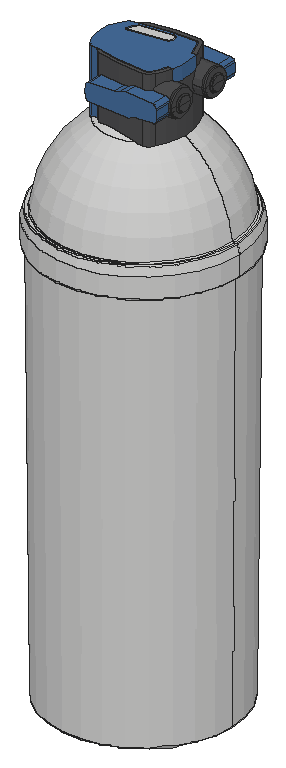
Revit family "QF_Vivreau_PURITY C1100 Steam Advanced", category Specialty Equipment, Revit 2020
Family settings
  Round Connector Dimension = Use Diameter
  Part Type = Normal
  OmniClass Number = 23.40.40.14.24
  OmniClass Title = Food Dispensing Equipment
  Work Plane-Based = No
  Always vertical = Yes
  Cut with Voids When Loaded = No
  Shared = No
  Room Calculation Point = No
Parameters
  Width = 0' - 7 61/256"  # constant formula
  Weight in Pounds = 16.97
  URL Cutsheet = "https://vivreauwater.com/wp-content/uploads/2024/06/Datasheet_VIVREAU_PURITY_C_Quell_ST_Advanced.pdf"
  URL = "https://vivreauwater.com/products/purity-c-quell-st-advanced/"
  Status = ""
  Specification by User [instance] = ""
  Specification by Manufacturer = "(1054242)Vivreau Purity C1100 Steam ADVANCED Filter Exchange cartridge up to 2089 gallons capacity, catalytic carbon, ion exchange for scale chloramine protection for combi & steamers NSF (NET)"
  Serial Number [instance] = ""
  Seismic Rating = ""
  SMACNA No = ""
  Revision Code = ""
  Plumbing Remarks = ""
  Plumbing Connection Type = "NPT"
  NAFEM Spec ID Number = ""
  Mounting Height [instance] = 3' - 0"
  Model = "PURITY C1100 Steam Advanced"
  Masterspec = "Division 11"
  Manufacturer = "Vivreau"
  Item Number [instance] = ""
  Installed By [instance] = ""
  Identify Quantity as Lot = yes
  Height = 1' - 9 25/32"  # constant formula
  Furnished By [instance] = ""
  Foodservice Equipment Identifier = yes
  Description = "Water Filter"
  Depth = 0' - 7 61/256"  # constant formula
  Default Elevation = 0' - 0"
  Cold Water Temperature Recommended = 40 °F
  Cold Water Size = 1/2"
  Cold Water RI Height = 0' - 0"
  Cold Water Minimum Pressure = 29.00 psi
  Cold Water Maximum Pressure = 124.00 psi
  Cold Water Flow = 0.440 GPM
  Cold Water Connection Height = 1' - 9"
  CSI MasterFormat = "11 46 00"
  Assembly Code = "E1090320"
Reference planes (in)
  plane 1 "REF. LAYER": z = 0
  plane 2 "Center (Left/Right)": x = 2.12413
  plane 3 "Center (Front/Back)": y = -2.125
  plane 4 "Center (Bottom/Top)": z = 47.30363
  plane 5 "Center F/C": z = 57.78125
  plane 6 "Center F/G": z = 55.96271
  plane 7 "Center F/I": z = 56.87844
  plane 8 "Center F/J": x = 4.31004
  plane 9 "Center F/X": x = -1.49531
  plane 10 "Center F/Y": x = 5.74297
  plane 11 "Center F/Z": z = 36
  plane 12 "Center F/AA": y = -5.745
  plane 13 "Center F/BB": y = 1.49328
Forms (in)
  Revolve 1, solid, material "QF_Plastic-Grey-Vivreau"
    sketch origin (0, -2.125, 0) x (1, 0, 0) y (0, 0, 1)
      loop
        line (2.12357, 36) -> (5.44715, 36)
        arc (5.44715, 36) -> (5.46152, 36.00591) -> (5.46756, 36.02023) r 0.02041
        line (5.46756, 36.02023) -> (5.60042, 51.24409) -> (5.72603, 51.24409)
        arc (5.72603, 51.24409) -> (5.73989, 51.2498) -> (5.74571, 51.26361) r 0.01969
        line (5.74571, 51.26361) -> (5.73919, 52.01147) -> (5.65734, 52.31693)
        arc (5.65734, 52.31693) -> (5.64328, 52.33798) -> (5.61931, 52.34611) r 0.03937
        line (5.61931, 52.34611) -> (5.52208, 52.34611)
        arc (5.52208, 52.34611) -> (5.49849, 52.35396) -> (5.48431, 52.37437) r 0.03937
        arc (5.48431, 52.37437) -> (4.90541, 54.08272) -> (3.65003, 55.37795) r 4.10473
        arc (3.65003, 55.37795) -> (3.5128, 55.46215) -> (3.37088, 55.53818) r 2.75591
        line (3.37088, 55.53818) -> (3.02241, 55.53818) -> (3.02241, 55.96271) -> (2.12357, 55.96271) -> (2.12357, 36)
      axis (2.12357, 55.96271) -> (2.12357, 36)
    angle from 0 to 360
Lines and regions (in)
  symbolic lines
    curve 1: circle (2.12413, -2.125, 0) r 3.62 normal (0, 0, 1)
Dimensions and locks (in)
  plane 7 "Center F/I" to plane 6 "Center F/G" to plane 4 "Center (Bottom/Top)" to plane 11 "Center F/Z" = 0' - 0.91573" locked, 0' - 8.65907" locked, 0' - 11.30363" locked
  "Height": plane 5 "Center F/C" to plane 11 "Center F/Z"
  "Mounting Height": plane 11 "Center F/Z" to plane 1 "REF. LAYER"
  "Width": plane 9 "Center F/X" to plane 10 "Center F/Y"
  "Depth": plane 13 "Center F/BB" to plane 12 "Center F/AA"
  aligned and locked: level to plane 1 "REF. LAYER"
  aligned and locked: plane 3 "Center (Front/Back)" to nested 1
Automatic sketch dimensions
  curve 1 to plane 2 "Center (Left/Right)" = 0' - 0"
  plane 3 "Center (Front/Back)" to curve 1 = 0' - 0"
  Revolve 1 sketch curve to plane 6 "Center F/G" = 0' - 0"
  Revolve 1 sketch curve to plane 11 "Center F/Z" = 0' - 0"
  Revolve 1 sketch curve to plane 2 "Center (Left/Right)" = 0' - 0.72186"
  Revolve 1 sketch curve to plane 2 "Center (Left/Right)" = 0' - 0.00056"  (x2)
  plane 2 "Center (Left/Right)" to Revolve 1 sketch curve = 0' - 0.01676"
  Revolve 1 sketch curve to plane 6 "Center F/G" = 0' - 0.42452"
  plane 2 "Center (Left/Right)" to Revolve 1 sketch curve = 0' - 0.89828"
  Revolve 1 sketch curve to Revolve 1 sketch curve = 0' - 0.34847"
  plane 10 "Center F/Y" to Revolve 1 sketch curve = 0' - 0.29581"
  plane 11 "Center F/Z" to Revolve 1 sketch curve = 0' - 0.02023"
  Revolve 1 sketch curve to Revolve 1 sketch curve = 0' - 0.02041"
  plane 10 "Center F/Y" to Revolve 1 sketch curve = 0' - 0.22089"
  plane 10 "Center F/Y" to Revolve 1 sketch curve = 0' - 0.14255"
  Revolve 1 sketch curve to Revolve 1 sketch curve = 0' - 0.09723"
  Revolve 1 sketch curve to Revolve 1 sketch curve = 0' - 0.03803"
  plane 10 "Center F/Y" to Revolve 1 sketch curve = 0' - 0.01694"
  plane 10 "Center F/Y" to Revolve 1 sketch curve = 0' - 0.00378"
  Revolve 1 sketch curve to plane 10 "Center F/Y" = 0' - 0.00274"
  plane 4 "Center (Bottom/Top)" to Revolve 1 sketch curve = 0' - 3.94046"
  Revolve 1 sketch curve to Revolve 1 sketch curve = 0' - 0.01969"
  Revolve 1 sketch curve to Revolve 1 sketch curve = 0' - 3.59482"
  Revolve 1 sketch curve to Revolve 1 sketch curve = 0' - 0.74786"
  Revolve 1 sketch curve to Revolve 1 sketch curve = 0' - 0.29528"
  Revolve 1 sketch curve to Revolve 1 sketch curve = 0' - 0.01019"
  Revolve 1 sketch curve to Revolve 1 sketch curve = 0' - 0.03937"
  Revolve 1 sketch curve to Revolve 1 sketch curve = 0' - 1.12862"
  Revolve 1 sketch curve to Revolve 1 sketch curve = 0' - 0"
  plane 11 "Center F/Z" to Revolve 1 sketch curve = 0' - 1.23725"
  Revolve 1 sketch curve to Revolve 1 sketch curve = 0' - 0.80093"
  radius of curve 1 = 0' - 3.62"
Nested families (in)
  nested 1: "QF_Vivreau_ Filter Head_C1100" at (0.56167, -0.22503, 0), Mounting Height <- "Mounting Height", type "QF_Vivreau_ Filter Head_C1100"
    with Specification by User "", Serial Number "", Installed By "", Furnished By ""
Connectors (in)
  piping at (4.31004, -2.9124, 56.92578), diameter 0.5, driven by "Cold Water Size", driven by "Cold Water Flow"
    settings: on nested 1, index 1, connector inside diameter 24", connector length 0' - 0", flow factor 0, pipe flow 0.440 GPM, pressure drop 0.00 psi, fitting loss kfactor 0, connector angle 0.00°, fixture units 0, engagement length 0' - 0", angle of deflection 0.00°, flow configuration 1, flow direction 1, fitting loss method 0, system type 20, joint type 0, gender type 0, connector reference index -1, connector utility 0, adjustable connector no, is connector primary yes, connector description "Cold Water"
Definition of nested family "QF_Vivreau_ Filter Head_C1100"
  Parameters (values of type "QF_Vivreau_ Filter Head_C1100")
    Width = 3' - 0"
    Weight in Pounds = 0
    URL Cutsheet = ""
    Status = ""
    Specification by User [instance] = ""
    Specification by Manufacturer = ""
    Serial Number [instance] = ""
    Seismic Rating = ""
    SMACNA No = ""
    Revision Code = ""
    NAFEM Spec ID Number = ""
    Mounting Height [instance] = 3' - 0"
    Masterspec = ""
    Installed By [instance] = ""
    Identify Quantity as Lot = yes
    Height = 3' - 0"
    Furnished By [instance] = ""
    Foodservice Equipment Identifier = yes
    Depth = 3' - 0"
    Default Elevation = 0' - 0"
    CSI MasterFormat = ""
  Reference planes (in)
    plane 1 "BACK": y = 0
    plane 2 "REF. LAYER": z = 0
    plane 3 "LEFT": x = 0
    plane 4 "Center F/C": x = 3.74837
    plane 5 "Center F/D": y = -3.83618
    plane 6 "Center F/E": z = 56.92578
    plane 7 "Center F/F": z = 57.78067
    plane 8 "Center F/G": z = 55.35685
    plane 9 "Center F/H": z = 56.45244
    plane 10 "Center F/I": z = 57.28053
    plane 11 "Center F/J": y = -1.89997
    plane 12 "Center F/Q": z = 36
    plane 13 "Center F/R": z = 57.63786
  Forms (in)
    Extrusion 1, solid
      sketch origin (-0.56167, 0.22503, 0) x (1, 0, 0) y (0, 1, 0)
        loop
          arc (3.17939, -3.30146) -> (3.22697, -3.28602) -> (3.25911, -3.24769) r 0.09059
          arc (3.25911, -3.24769) -> (3.55796, -2.125) -> (3.25911, -1.00231) r 2.25819
          arc (3.25911, -1.00231) -> (3.22697, -0.96398) -> (3.17939, -0.94854) r 0.09059
          arc (3.17939, -0.94854) -> (2.02567, -0.99526) -> (0.89165, -1.21272) r 7.75678
          arc (0.89165, -1.21272) -> (0.86179, -1.21999) -> (0.83702, -1.2382) r 0.07824
          arc (0.83702, -1.2382) -> (0.56167, -2.125) -> (0.83702, -3.0118) r 1.56569
          arc (0.83702, -3.0118) -> (0.86179, -3.03001) -> (0.89165, -3.03728) r 0.07824
          arc (0.89165, -3.03728) -> (2.02567, -3.25474) -> (3.17939, -3.30146) r 7.75678
      from 55.35685 to 57.78067
    Revolve 2, solid
      sketch origin (-16.04659, -180, 56.92578) x (-1, 0, 0) y (0, -1, 0)
        loop
          line (-19.59812, -178.88743) -> (-18.72075, -178.88743) -> (-18.7668, -178.36111) -> (-19.59812, -178.37562) -> (-19.59812, -178.88743)
        axis (-18.72075, -178.88743) -> (-19.59812, -178.88743)
      angle from 0 to 360
    Revolve 3, solid
      sketch origin (-16.04659, -180, 56.92578) x (-1, 0, 0) y (0, -1, 0)
        loop
          line (-19.59812, -177.31262) -> (-18.72075, -177.31262) -> (-18.7668, -176.7863) -> (-19.59812, -176.80081) -> (-19.59812, -177.31262)
        axis (-18.72075, -177.31262) -> (-19.59812, -177.31262)
      angle from 0 to 360
    Extrusion 4, void
      sketch origin (-0.56167, 0.22503, 0) x (0, 1, 0) y (0, 0, 1)
        loop
          circle (-2.125, 56.39429) r 0.20757
      from 3.17075 to 3.70744
    Extrusion 5, void
      sketch origin (-2.8954, 0.22503, 0) x (0, 1, 0) y (0, 0, 1)
        loop
          circle (-2.125, 56.39429) r 0.20757
      from 2.77402 to 3.28855
    Revolve 6, solid
      sketch origin (-16.04659, -180, 56.92578) x (-1, 0, 0) y (0, -1, 0)
        loop
          line (-19.59812, -178.88743) -> (-19.59812, -178.41499) -> (-19.69654, -178.41499) -> (-19.69654, -178.58034) -> (-19.73591, -178.58379) -> (-19.73591, -178.63349) -> (-19.79497, -178.63349) -> (-19.79497, -178.88743) -> (-19.59812, -178.88743)
        axis (-19.59812, -178.88743) -> (-19.79497, -178.88743)
      angle from 0 to 360
    Revolve 7, solid
      sketch origin (-16.04659, -180, 56.92578) x (-1, 0, 0) y (0, -1, 0)
        loop
          line (-19.59812, -177.31262) -> (-19.59812, -176.84018) -> (-19.69654, -176.84018) -> (-19.69654, -177.00554) -> (-19.73591, -177.00898) -> (-19.73591, -177.05869) -> (-19.79497, -177.05869) -> (-19.79497, -177.31262) -> (-19.59812, -177.31262)
        axis (-19.59812, -177.31262) -> (-19.79497, -177.31262)
      angle from 0 to 360
    Extrusion 8, solid
      sketch origin (0, 0, 0) x (0, 1, 0) y (0, 0, 1)
        loop
          circle (-1.89997, 56.39429) r 0.20757
        loop
          circle (-1.89997, 56.39429) r 0.14507
      from 2.60908 to 3.01441
    Extrusion 9, solid
      sketch origin (-2.62125, 0, 0) x (0, 1, 0) y (0, 0, 1)
        loop
          circle (-1.89997, 56.39429) r 0.20757
        loop
          circle (-1.89997, 56.39429) r 0.14507
      from 2.60908 to 3.01441
    Extrusion 10, solid
      sketch origin (0, 0, 21.16016) x (1, 0, 0) y (0, 1, 0)
        loop
          arc (2.61773, -0.72352) -> (2.65703, -0.73399) -> (2.68778, -0.7606) r 0.09059
          arc (2.68778, -0.7606) -> (2.99629, -1.89997) -> (2.68778, -3.03935) r 2.25819
          arc (2.68778, -3.03935) -> (2.65703, -3.06596) -> (2.61773, -3.07643) r 0.09059
          arc (2.61773, -3.07643) -> (1.60555, -3.04475) -> (0.60613, -2.88147) r 7.75678
          arc (0.60613, -2.88147) -> (0.72009, -2.98959) -> (0.8462, -3.08325) r 1.30616
          arc (0.8462, -3.08325) -> (1.72654, -3.2138) -> (2.6163, -3.23254) r 7.05821
          arc (2.6163, -3.23254) -> (2.77551, -3.16312) -> (2.87152, -3.01839) r 0.30684
          arc (2.87152, -3.01839) -> (3.18694, -1.89997) -> (2.87152, -0.78156) r 2.14057
          arc (2.87152, -0.78156) -> (2.77551, -0.63683) -> (2.6163, -0.5674) r 0.30684
          arc (2.6163, -0.5674) -> (1.72654, -0.58614) -> (0.8462, -0.7167) r 7.05821
          arc (0.8462, -0.7167) -> (0.72009, -0.81036) -> (0.60613, -0.91847) r 1.30616
          arc (0.60613, -0.91847) -> (1.60555, -0.7552) -> (2.61773, -0.72352) r 7.75678
      from 34.19669 to 36.62051
    Extrusion 11, void
      sketch origin (0, 0, 21.16016) x (1, 0, 0) y (0, 1, 0)
        loop
          arc (2.92876, -1.35185) -> (2.99629, -1.89997) -> (2.92876, -2.4481) r 2.25819
          line (2.92876, -2.4481) -> (3.11557, -2.4481)
          arc (3.11557, -2.4481) -> (3.18694, -1.89997) -> (3.11557, -1.35185) r 2.14057
          line (3.11557, -1.35185) -> (2.92876, -1.35185)
      from 36.62051 to 36.12038
    Extrusion 12, solid
      sketch origin (0, 0, 14.26953) x (1, 0, 0) y (0, 1, 0)
        loop
          arc (0.70049, -1.02146) -> (0.59462, -1.21203) -> (0.51669, -1.41563) r 1.54109
          arc (0.51669, -1.41563) -> (0.54, -1.44367) -> (0.57618, -1.44818) r 0.04958
          arc (0.57618, -1.44818) -> (1.21574, -1.31536) -> (1.86503, -1.24405) r 6.85047
          arc (1.86503, -1.24405) -> (2.03249, -1.03201) -> (1.82552, -0.85833) r 0.19395
          arc (1.82552, -0.85833) -> (1.26009, -0.91975) -> (0.70049, -1.02146) r 7.94315
      from 43.36833 to 43.51113
    Extrusion 13, solid
      sketch origin (0, 0, 21.16016) x (1, 0, 0) y (0, 1, 0)
        loop
          arc (3.11557, -2.4481) -> (3.18694, -1.89997) -> (3.11557, -1.35185) r 2.14057
          line (3.11557, -1.35185) -> (2.92876, -1.35185)
          arc (2.92876, -1.35185) -> (2.99629, -1.89997) -> (2.92876, -2.4481) r 2.25819
          line (2.92876, -2.4481) -> (3.11557, -2.4481)
      from 36.12038 to 36.62051
    Extrusion 14, void
      sketch origin (0, 0, 18.24219) x (1, 0, 0) y (0, 1, 0)
        loop
          arc (0.57618, -1.44818) -> (1.21574, -1.31536) -> (1.86503, -1.24405) r 6.85047
          arc (1.86503, -1.24405) -> (2.03249, -1.03201) -> (1.82552, -0.85833) r 0.19395
          arc (1.82552, -0.85833) -> (1.26009, -0.91975) -> (0.70049, -1.02146) r 7.94315
          arc (0.70049, -1.02146) -> (0.59462, -1.21203) -> (0.51669, -1.41563) r 1.54109
          arc (0.51669, -1.41563) -> (0.54, -1.44367) -> (0.57618, -1.44818) r 0.04958
      from 39.39567 to 39.53848
  Cuts and joins
    Extrusion 4, Extrusion 5, Extrusion 14 cuts Extrusion 1
    joined: Extrusion 1, Extrusion 13
    Extrusion 11 cuts Extrusion 10
  Lines and regions (in)
    symbolic lines
      curve 1: arc (0.32999, -2.81225, 0) -> (1.464, -3.02972, 0) -> (2.61773, -3.07643, 0) r 7.75678
      curve 2: arc (2.61773, -3.07643, 0) -> (2.6653, -3.061, 0) -> (2.69744, -3.02266, 0) r 0.09059
      curve 3: arc (2.69744, -3.02266, 0) -> (2.99629, -1.89997, 0) -> (2.69744, -0.77728, 0) r 2.25819
      curve 4: arc (2.69744, -0.77728, 0) -> (2.6653, -0.73895, 0) -> (2.61773, -0.72352, 0) r 0.09059
      curve 5: arc (2.61773, -0.72352, 0) -> (1.464, -0.77023, 0) -> (0.32999, -0.9877, 0) r 7.75678
      curve 6: arc (0.32999, -0.9877, 0) -> (0.30012, -0.99496, 0) -> (0.27535, -1.01317, 0) r 0.07824
      curve 7: arc (0.27535, -1.01317, 0) -> (0, -1.89997, 0) -> (0.27535, -2.78678, 0) r 1.56569
      curve 8: arc (0.27535, -2.78678, 0) -> (0.30012, -2.80499, 0) -> (0.32999, -2.81225, 0) r 0.07824
      curve 9: line (3.74837, -2.94131, 0) -> (3.68932, -2.94131, 0)
      curve 10: arc (0.85161, -0.6986, 0) -> (0.82653, -0.78661, 0) -> (0.80424, -0.87538, 0) r 2.89017
      curve 11: arc (0.85161, -0.6986, 0) -> (0.87512, -0.61425, 0) -> (0.90582, -0.53225, 0) r 1.0142
      curve 12: arc (0.90582, -0.53225, 0) -> (0.95826, -0.37458, 0) -> (1.01402, -0.21806, 0) r 7.87402
      curve 13: arc (1.01402, -0.21806, 0) -> (1.03304, -0.19156, 0) -> (1.06321, -0.17918, 0) r 0.05912
      curve 14: arc (1.06321, -0.17918, 0) -> (2.22788, -0.07327, 0) -> (3.39529, -0.1428, 0) r 7.79531
      curve 15: arc (3.39529, -0.1428, 0) -> (3.42859, -0.1583, 0) -> (3.44724, -0.18996, 0) r 0.0619
      curve 16: arc (3.44724, -0.18996, 0) -> (3.48188, -0.39473, 0) -> (3.50801, -0.60076, 0) r 5.02104
      curve 17: line (3.64995, -0.64013, 0) -> (3.55152, -0.64013, 0)
      curve 18: line (3.55152, -0.64013, 0) -> (3.55152, -0.60076, 0)
      curve 19: line (3.55152, -0.60076, 0) -> (3.50801, -0.60076, 0)
      curve 20: line (3.55152, -0.64013, 0) -> (3.55152, -1.62438, 0)
      curve 21: line (3.55152, -1.62438, 0) -> (2.98062, -1.63435, 0)
      curve 22: line (3.64995, -1.58501, 0) -> (3.55152, -1.58501, 0)
      curve 23: line (3.64995, -1.58501, 0) -> (3.64995, -0.64013, 0)
      curve 24: line (3.68932, -1.41621, 0) -> (3.64995, -1.41966, 0)
      curve 25: line (3.68932, -1.41621, 0) -> (3.68932, -0.80849, 0)
      curve 26: line (3.74837, -0.85864, 0) -> (3.68932, -0.85864, 0)
      curve 27: line (3.74837, -0.85864, 0) -> (3.74837, -1.36651, 0)
      curve 28: line (3.74837, -1.36651, 0) -> (3.68932, -1.36651, 0)
      curve 29: line (3.64995, -3.15982, 0) -> (3.55152, -3.15982, 0)
      curve 30: line (3.55152, -3.15982, 0) -> (3.55152, -3.19919, 0)
      curve 31: line (3.55152, -3.19919, 0) -> (3.50801, -3.19919, 0)
      curve 32: line (3.55152, -3.15982, 0) -> (3.55152, -2.17556, 0)
      curve 33: line (3.64995, -2.21493, 0) -> (3.55152, -2.21493, 0)
      curve 34: line (3.64995, -2.21493, 0) -> (3.64995, -3.15982, 0)
      curve 35: line (3.68932, -2.38373, 0) -> (3.64995, -2.38029, 0)
      curve 36: line (3.68932, -2.38373, 0) -> (3.68932, -2.99146, 0)
      curve 37: line (3.74837, -2.94131, 0) -> (3.68932, -2.94131, 0)
      curve 38: line (3.74837, -2.94131, 0) -> (3.74837, -2.43344, 0)
      curve 39: line (3.74837, -2.43344, 0) -> (3.68932, -2.43344, 0)
      curve 40: arc (0.85161, -3.10135, 0) -> (0.82653, -3.01334, 0) -> (0.80424, -2.92457, 0) r 2.89017
      curve 41: arc (0.85161, -3.10135, 0) -> (0.87512, -3.1857, 0) -> (0.90582, -3.2677, 0) r 1.0142
      curve 42: arc (0.90582, -3.2677, 0) -> (0.95826, -3.42537, 0) -> (1.01402, -3.58189, 0) r 7.87402
      curve 43: arc (1.01402, -3.58189, 0) -> (1.03304, -3.60839, 0) -> (1.06321, -3.62077, 0) r 0.05912
      curve 44: arc (1.06321, -3.62077, 0) -> (2.22788, -3.72667, 0) -> (3.39529, -3.65715, 0) r 7.79531
      curve 45: arc (3.39529, -3.65715, 0) -> (3.42859, -3.64164, 0) -> (3.44724, -3.60999, 0) r 0.0619
      curve 46: arc (3.44724, -3.60999, 0) -> (3.48188, -3.40522, 0) -> (3.50801, -3.19919, 0) r 5.02104
      curve 47: line (3.55152, -3.15982, 0) -> (3.55152, -3.19919, 0)
      curve 48: line (3.55152, -3.19919, 0) -> (3.50801, -3.19919, 0)
      curve 49: line (3.55152, -3.15982, 0) -> (3.55152, -2.17556, 0)
      curve 50: line (3.55152, -2.17556, 0) -> (2.98062, -2.1656, 0)
      curve 51: line (0, 0, 0) -> (3.74837, 0, 0)
      curve 52: line (0, -1.89997, 0) -> (2.99629, -1.89997, 0)
      curve 53: line (3.64995, -0.80549, 0) -> (3.68932, -0.80849, 0)
      curve 54: line (3.64995, -2.99446, 0) -> (3.68932, -2.99146, 0)
  Dimensions and locks (in)
    plane 7 "Center F/F" to plane 10 "Center F/I" to plane 6 "Center F/E" to plane 9 "Center F/H" to plane 8 "Center F/G" = 0' - 0.50013" locked, 0' - 0.35475" locked, 0' - 0.47334" locked, 0' - 1.09559" locked
    plane 5 "Center F/D" to plane 11 "Center F/J" to plane 1 "BACK" = 0' - 1.93621" locked, 0' - 1.89997" locked
    locked: plane 6 "Center F/E" to nested 1 at 0.05953
    locked: plane 8 "Center F/G" to plane 12 "Center F/Q" at 19.35685
    "Mounting Height": plane 12 "Center F/Q" to plane 2 "REF. LAYER"
    locked: plane 7 "Center F/F" to plane 13 "Center F/R" at 0.14281
    aligned and locked: level to plane 2 "REF. LAYER"
    aligned and locked: plane 7 "Center F/F" to cut or joined group of Extrusion 1, Extrusion 4, Extrusion 5, Extrusion 13, Extrusion 14
    aligned and locked: cut or joined group of Extrusion 1, Extrusion 4, Extrusion 5, Extrusion 13, Extrusion 14 to plane 8 "Center F/G"
    aligned and locked: nested 1 to plane 11 "Center F/J"
    aligned and locked: plane 11 "Center F/J" to nested 1
    aligned and locked: Extrusion 10 to plane 8 "Center F/G"
    aligned and locked: plane 7 "Center F/F" to Extrusion 10
    aligned and locked: Extrusion 13 to plane 10 "Center F/I"
    aligned and locked: Extrusion 11 to plane 10 "Center F/I"
    aligned and locked: plane 7 "Center F/F" to Extrusion 13
    aligned and locked: plane 7 "Center F/F" to Extrusion 11
    aligned and locked: Extrusion 12 to plane 13 "Center F/R"
    aligned and locked: plane 7 "Center F/F" to Extrusion 12
    aligned and locked: Extrusion 14 to plane 13 "Center F/R"
    aligned and locked: plane 7 "Center F/F" to Extrusion 14
  Automatic sketch dimensions
    curve 51 to level = 0' - 0"
    curve 51 to plane 3 "LEFT" = 0' - 0"
    curve 51 to plane 4 "Center F/C" = 0' - 0"
    curve 52 to plane 3 "LEFT" = 0' - 0"
    plane 11 "Center F/J" to curve 3 = 0' - 0"
    plane 11 "Center F/J" to curve 7 = 0' - 0"
    plane 11 "Center F/J" to curve 52 = 0' - 0"
    curve 39 to plane 4 "Center F/C" = 0' - 0"
    curve 28 to plane 4 "Center F/C" = 0' - 0"
    curve 16 to plane 3 "LEFT" = 0' - 1.48511"
    curve 46 to plane 3 "LEFT" = 0' - 1.48511"
    plane 3 "LEFT" to curve 8 = 0' - 0.33318"
    plane 3 "LEFT" to curve 6 = 0' - 0.33318"
    curve 52 to curve 3 = 0' - 0.7381"
    plane 1 "BACK" to curve 13 = 0' - 0.23795"
    plane 3 "LEFT" to curve 13 = 0' - 1.0697"
    curve 43 to plane 5 "Center F/D" = 0' - 0.27418"
    plane 3 "LEFT" to curve 43 = 0' - 1.0697"
    curve 3 to curve 7 = 0' - 0.82759"
    curve 7 to curve 11 = 0' - 0.27372"
    curve 7 to curve 41 = 0' - 0.27372"
    curve 14 to plane 4 "Center F/C" = 0' - 1.39888"
    curve 44 to plane 4 "Center F/C" = 0' - 1.39888"
    curve 44 to curve 1 = 0' - 0.00431"
    curve 14 to curve 5 = 0' - 0.00431"
    curve 41 to curve 2 = 0' - 0.77523"
    curve 11 to curve 4 = 0' - 0.77523"
    plane 1 "BACK" to curve 15 = 0' - 0.20414"
    curve 15 to plane 4 "Center F/C" = 0' - 0.36139"
    curve 45 to plane 4 "Center F/C" = 0' - 0.36139"
    curve 48 to plane 4 "Center F/C" = 0' - 0.24036"
    curve 19 to plane 4 "Center F/C" = 0' - 0.24036"
    curve 16 to curve 19 = 0' - 0.04351"
    curve 31 to curve 48 = 0' - 0.04351"
    curve 22 to curve 10 = 0' - 0.0667"
    curve 33 to curve 40 = 0' - 0.0667"
    curve 17 to curve 17 = 0' - 0.09843"
    curve 29 to curve 34 = 0' - 0.09843"
    curve 24 to curve 25 = 0' - 0.03937"
    curve 35 to curve 35 = 0' - 0.03937"
    plane 1 "BACK" to curve 42 = 0' - 0.86161"
    plane 4 "Center F/C" to curve 42 = 0' - 4.65484"
    curve 12 to plane 5 "Center F/D" = 0' - 0.89785"
    curve 12 to curve 42 = 0' - 0"
    curve 45 to plane 5 "Center F/D" = 0' - 0.24037"
    plane 5 "Center F/D" to curve 14 = 0' - 4.03145"
    curve 5 to curve 14 = 0' - 0.60817"
    curve 45 to curve 47 = 0' - 0.39662"
    curve 30 to curve 34 = 0' - 0.03937"
    curve 29 to curve 36 = 0' - 0.16836"
    curve 2 to plane 5 "Center F/D" = 0' - 0.85029"
    curve 36 to curve 9 = 0' - 0.05014"
    curve 2 to curve 41 = 0' - 0.11446"
    plane 11 "Center F/J" to curve 8 = 0' - 0.8341"
    plane 11 "Center F/J" to curve 46 = 0' - 0.77047"
    curve 9 to curve 39 = 0' - 0.50787"
    curve 39 to curve 36 = 0' - 0.04971"
    curve 35 to curve 40 = 0' - 0.11843"
    curve 40 to curve 34 = 0' - 0.05037"
    curve 33 to curve 49 = 0' - 0.03937"
    curve 21 to plane 11 "Center F/J" = 0' - 0.27559"
    curve 20 to curve 22 = 0' - 0.03937"
    curve 22 to curve 10 = 0' - 0.05037"
    curve 10 to curve 24 = 0' - 0.11843"
    curve 24 to curve 27 = 0' - 0.04971"
    curve 16 to plane 11 "Center F/J" = 0' - 0.77047"
    curve 6 to plane 11 "Center F/J" = 0' - 0.8341"
    plane 1 "BACK" to curve 11 = 0' - 0.92852"
    curve 27 to curve 26 = 0' - 0.50787"
    curve 11 to curve 4 = 0' - 0.11446"
    curve 26 to curve 25 = 0' - 0.05014"
    curve 25 to curve 17 = 0' - 0.16836"
    curve 17 to curve 19 = 0' - 0.03937"
    curve 44 to plane 1 "BACK" = 0' - 4.06768"
    curve 44 to curve 1 = 0' - 0.60817"
    curve 8 to curve 8 = 0' - 0.05783"
    curve 6 to curve 6 = 0' - 0.05783"
    curve 7 to curve 6 = 0' - 0.05464"
    curve 8 to curve 8 = 0' - 0.05464"
    curve 8 to curve 40 = 0' - 0.47425"
    curve 5 to curve 10 = 0' - 0.47425"
    curve 40 to curve 40 = 0' - 0.04737"
    curve 10 to curve 10 = 0' - 0.04737"
    curve 10 to curve 11 = 0' - 0.05421"
    curve 41 to curve 41 = 0' - 0.05421"
    curve 43 to curve 43 = 0' - 0.05568"
    curve 12 to curve 13 = 0' - 0.05568"
    curve 43 to curve 43 = 0' - 0.00649"
    curve 13 to curve 13 = 0' - 0.00649"
    curve 4 to curve 5 = 0' - 0"
    curve 2 to curve 1 = 0' - 0"
    curve 2 to curve 2 = 0' - 0.08279"
    curve 21 to plane 11 "Center F/J" = 0' - 0 17/64"
    plane 11 "Center F/J" to curve 50 = 0' - 0 17/64"
    curve 15 to curve 14 = 0' - 0"
    curve 45 to curve 44 = 0' - 0"
    curve 54 to curve 36 = 0' - 0.00301"
    curve 35 to curve 35 = 0' - 0.00344"
    curve 24 to curve 24 = 0' - 0.00344"
    curve 25 to curve 53 = 0' - 0.00301"
    plane 11 "Center F/J" to Extrusion 1 sketch curve = 0' - 0"  (x2)
    plane 3 "LEFT" to Extrusion 1 sketch curve = 0' - 0.33318"  (x2)
    plane 3 "LEFT" to Extrusion 1 sketch curve = 0' - 0.7381"
    Extrusion 1 sketch curve to Extrusion 1 sketch curve = 0' - 0.82759"
    Extrusion 1 sketch curve to plane 4 "Center F/C" = 0' - 1.39457"  (x2)
    Extrusion 1 sketch curve to plane 4 "Center F/C" = 0' - 1.13373"  (x2)
    plane 11 "Center F/J" to Extrusion 1 sketch curve = 0' - 0.8341"
    Extrusion 1 sketch curve to plane 5 "Center F/D" = 0' - 0.85029"
    plane 5 "Center F/D" to Extrusion 1 sketch curve = 0' - 4.63962"
    Extrusion 1 sketch curve to plane 11 "Center F/J" = 0' - 0.8341"
    plane 1 "BACK" to Extrusion 1 sketch curve = 0' - 0.81406"
    Extrusion 1 sketch curve to plane 1 "BACK" = 0' - 4.67585"
    Extrusion 1 sketch curve to Extrusion 1 sketch curve = 0' - 0.0032"  (x2)
    Extrusion 1 sketch curve to Extrusion 1 sketch curve = 0' - 0.05464"  (x2)
    Extrusion 1 sketch curve to Extrusion 1 sketch curve = 0' - 0.00308"  (x2)
    Extrusion 1 sketch curve to Extrusion 1 sketch curve = 0' - 0"
    Extrusion 1 sketch curve to Extrusion 1 sketch curve = 0' - 0.08279"
    Revolve 2 sketch curve to plane 4 "Center F/C" = 0' - 0.19685"
    Revolve 2 sketch curve to plane 11 "Center F/J" = 0' - 0.26108"
    Revolve 2 sketch curve to Revolve 2 sketch curve = 0' - 0.83132"
    Revolve 2 sketch curve to Revolve 2 sketch curve = 0' - 0.04605"
    Revolve 2 sketch curve to plane 11 "Center F/J" = 0' - 0.27559"
    Revolve 2 sketch curve to Revolve 2 sketch curve = 0' - 0.52632"
    Revolve 2 sketch curve to Revolve 2 sketch curve = 0' - 0"  (x3)
    Revolve 3 sketch curve to plane 4 "Center F/C" = 0' - 0.19685"
    Revolve 3 sketch curve to Revolve 3 sketch curve = 0' - 0.83132"
    Revolve 3 sketch curve to Revolve 3 sketch curve = 0' - 0.04605"
    plane 11 "Center F/J" to Revolve 3 sketch curve = 0' - 0.7874"
    Revolve 3 sketch curve to Revolve 3 sketch curve = 0' - 0.51181"
    Revolve 3 sketch curve to Revolve 3 sketch curve = 0' - 0.52632"
    Revolve 3 sketch curve to Revolve 3 sketch curve = 0' - 0"  (x3)
    Extrusion 4 sketch curve to plane 11 "Center F/J" = 0' - 0"
    Extrusion 4 sketch curve to plane 9 "Center F/H" = 0' - 0.05816"
    Extrusion 5 sketch curve to plane 11 "Center F/J" = 0' - 0"
    Extrusion 5 sketch curve to plane 9 "Center F/H" = 0' - 0.05816"
    Revolve 6 sketch curve to plane 4 "Center F/C" = 0' - 0"
    Revolve 6 sketch curve to plane 4 "Center F/C" = 0' - 0.05906"
    Revolve 6 sketch curve to Revolve 6 sketch curve = 0' - 0.03937"
    Revolve 6 sketch curve to Revolve 6 sketch curve = 0' - 0.09843"
    Revolve 6 sketch curve to plane 11 "Center F/J" = 0' - 0.7874"
    Revolve 6 sketch curve to Revolve 6 sketch curve = 0' - 0.25394"
    Revolve 6 sketch curve to Revolve 6 sketch curve = 0' - 0.04971"
    Revolve 6 sketch curve to Revolve 6 sketch curve = 0' - 0.00344"
    Revolve 6 sketch curve to Revolve 6 sketch curve = 0' - 0.16535"
    Revolve 6 sketch curve to Revolve 6 sketch curve = 0' - 0.0902"
    Revolve 6 sketch curve to Revolve 6 sketch curve = 0' - 0"  (x2)
    Revolve 7 sketch curve to plane 4 "Center F/C" = 0' - 0"
    Revolve 7 sketch curve to plane 4 "Center F/C" = 0' - 0.05906"
    Revolve 7 sketch curve to Revolve 7 sketch curve = 0' - 0.03937"
    Revolve 7 sketch curve to Revolve 7 sketch curve = 0' - 0.09843"
    plane 11 "Center F/J" to Revolve 7 sketch curve = 0' - 0.7874"
    Revolve 7 sketch curve to Revolve 7 sketch curve = 0' - 0.25394"
    Revolve 7 sketch curve to Revolve 7 sketch curve = 0' - 0.04971"
    Revolve 7 sketch curve to Revolve 7 sketch curve = 0' - 0.00344"
    Revolve 7 sketch curve to Revolve 7 sketch curve = 0' - 0.16535"
    Revolve 7 sketch curve to Revolve 7 sketch curve = 0' - 0.0902"
    Revolve 7 sketch curve to Revolve 7 sketch curve = 0' - 0"  (x2)
    Extrusion 8 sketch curve to Extrusion 8 sketch curve = 0' - 0"  (x6)
    Extrusion 8 sketch curve to plane 11 "Center F/J" = 0' - 0"
    Extrusion 8 sketch curve to plane 9 "Center F/H" = 0' - 0.05816"
    Extrusion 8 sketch curve to Extrusion 8 sketch curve = 0' - 0.14507"
    Extrusion 9 sketch curve to Extrusion 9 sketch curve = 0' - 0"  (x6)
    Extrusion 9 sketch curve to plane 11 "Center F/J" = 0' - 0"
    Extrusion 9 sketch curve to plane 9 "Center F/H" = 0' - 0.05816"
    Extrusion 9 sketch curve to Extrusion 9 sketch curve = 0' - 0.14507"
    plane 11 "Center F/J" to Extrusion 10 sketch curve = 0' - 0"  (x2)
    plane 3 "LEFT" to Extrusion 10 sketch curve = 0' - 0.7381"
    Extrusion 10 sketch curve to Extrusion 10 sketch curve = 0' - 0.30827"
    plane 11 "Center F/J" to Extrusion 10 sketch curve = 0' - 0.08971"
    Extrusion 10 sketch curve to Extrusion 10 sketch curve = 0' - 0.5141"
    Extrusion 10 sketch curve to Extrusion 10 sketch curve = 0' - 0"  (x3)
    Extrusion 10 sketch curve to plane 4 "Center F/C" = 0' - 1.42862"  (x2)
    Extrusion 10 sketch curve to Extrusion 10 sketch curve = 0' - 0.03406"  (x2)
    Extrusion 10 sketch curve to plane 4 "Center F/C" = 0' - 1.1701"  (x2)
    Extrusion 10 sketch curve to Extrusion 10 sketch curve = 0' - 0.03637"  (x2)
    Extrusion 10 sketch curve to plane 5 "Center F/D" = 0' - 0.90812"
    Extrusion 10 sketch curve to Extrusion 10 sketch curve = 0' - 0.05782"  (x2)
    plane 5 "Center F/D" to Extrusion 10 sketch curve = 0' - 3.78319"
    Extrusion 10 sketch curve to Extrusion 10 sketch curve = 0' - 0.85642"  (x2)
    Extrusion 10 sketch curve to plane 11 "Center F/J" = 0' - 0.08971"
    plane 1 "BACK" to Extrusion 10 sketch curve = 0' - 0.87188"
    Extrusion 10 sketch curve to plane 1 "BACK" = 0' - 3.81943"
    plane 3 "LEFT" to Extrusion 10 sketch curve = 0' - 0.60613"  (x2)
    Extrusion 10 sketch curve to Extrusion 10 sketch curve = 0' - 0.24007"  (x2)
    Extrusion 10 sketch curve to Extrusion 10 sketch curve = 0' - 0.00166"  (x2)
    Extrusion 10 sketch curve to Extrusion 10 sketch curve = 0' - 0.00308"  (x2)
    Extrusion 10 sketch curve to Extrusion 10 sketch curve = 0' - 0.07006"
    Extrusion 10 sketch curve to Extrusion 10 sketch curve = 0' - 0.18374"
    plane 11 "Center F/J" to Extrusion 11 sketch curve = 0' - 0"  (x2)
    plane 3 "LEFT" to Extrusion 11 sketch curve = 0' - 0.7381"
    Extrusion 11 sketch curve to Extrusion 11 sketch curve = 0' - 0.30827"
    Extrusion 11 sketch curve to plane 4 "Center F/C" = 0' - 0.81961"
    Extrusion 11 sketch curve to plane 11 "Center F/J" = 0' - 0.54813"
    Extrusion 11 sketch curve to Extrusion 11 sketch curve = 0' - 0"
    Extrusion 11 sketch curve to Extrusion 11 sketch curve = 0' - 0.18681"
    plane 3 "LEFT" to Extrusion 12 sketch curve = 0' - 0.5638"
    Extrusion 12 sketch curve to Extrusion 12 sketch curve = 0' - 1.27575"
    Extrusion 12 sketch curve to plane 11 "Center F/J" = 0' - 0.03665"
    Extrusion 12 sketch curve to Extrusion 12 sketch curve = 0' - 0.15177"
    Extrusion 12 sketch curve to plane 4 "Center F/C" = 0' - 1.46099"
    Extrusion 12 sketch curve to Extrusion 12 sketch curve = 0' - 0.11254"
    plane 5 "Center F/D" to Extrusion 12 sketch curve = 0' - 4.2453"
    Extrusion 12 sketch curve to Extrusion 12 sketch curve = 0' - 0 179/256"
    Extrusion 12 sketch curve to plane 11 "Center F/J" = 0' - 0.4998"
    Extrusion 12 sketch curve to Extrusion 12 sketch curve = 0' - 0.81155"
    Extrusion 12 sketch curve to Extrusion 12 sketch curve = 0' - 0.04711"
    Extrusion 12 sketch curve to Extrusion 12 sketch curve = 0' - 0.01238"
    Extrusion 12 sketch curve to Extrusion 12 sketch curve = 0' - 0"  (x2)
    Extrusion 12 sketch curve to Extrusion 12 sketch curve = 0' - 0.13669"
    plane 11 "Center F/J" to Extrusion 13 sketch curve = 0' - 0"  (x2)
    plane 3 "LEFT" to Extrusion 13 sketch curve = 0' - 0.7381"
    Extrusion 13 sketch curve to Extrusion 13 sketch curve = 0' - 0.30827"
    Extrusion 13 sketch curve to plane 4 "Center F/C" = 0' - 0.81961"
    plane 11 "Center F/J" to Extrusion 13 sketch curve = 0' - 0.54813"
    Extrusion 13 sketch curve to Extrusion 13 sketch curve = 0' - 0"
    Extrusion 13 sketch curve to Extrusion 13 sketch curve = 0' - 0.18681"
    plane 3 "LEFT" to Extrusion 14 sketch curve = 0' - 0.5638"
    Extrusion 14 sketch curve to Extrusion 14 sketch curve = 0' - 1.27575"
    Extrusion 14 sketch curve to plane 11 "Center F/J" = 0' - 0.03665"
    Extrusion 14 sketch curve to Extrusion 14 sketch curve = 0' - 0.15177"
    Extrusion 14 sketch curve to plane 4 "Center F/C" = 0' - 1.46099"
    Extrusion 14 sketch curve to Extrusion 14 sketch curve = 0' - 0.11254"
    plane 5 "Center F/D" to Extrusion 14 sketch curve = 0' - 4.2453"
    Extrusion 14 sketch curve to Extrusion 14 sketch curve = 0' - 0 179/256"
    Extrusion 14 sketch curve to plane 11 "Center F/J" = 0' - 0.4998"
    Extrusion 14 sketch curve to Extrusion 14 sketch curve = 0' - 0.81155"
    Extrusion 14 sketch curve to Extrusion 14 sketch curve = 0' - 0.04711"
    Extrusion 14 sketch curve to Extrusion 14 sketch curve = 0' - 0.01238"
    Extrusion 14 sketch curve to Extrusion 14 sketch curve = 0' - 0"  (x2)
    Extrusion 14 sketch curve to Extrusion 14 sketch curve = 0' - 0.13669"
    radius of Extrusion 4 sketch curve = 0' - 0.20757"
    radius of Extrusion 5 sketch curve = 0' - 0.20757"
    radius of Extrusion 8 sketch curve = 0' - 0.20757"
    radius of Extrusion 9 sketch curve = 0' - 0.20757"
  Nested families (in)
    nested 1: "QF_Vivreau_Filter Handles" at (0, 0.00348, 56.45253), type "QF_Vivreau_Filter Handles"
      with Specification by User "", Serial Number "", Installed By "", Furnished By ""
  Definition of nested family "QF_Vivreau_Filter Handles"
    Parameters (values of type "QF_Vivreau_Filter Handles")
      Width = 3' - 0"
      Weight in Pounds = 0
      URL Cutsheet = ""
      Status = ""
      Specification by User [instance] = ""
      Specification by Manufacturer = ""
      Serial Number [instance] = ""
      Seismic Rating = ""
      SMACNA No = ""
      Revision Code = ""
      NAFEM Spec ID Number = ""
      Masterspec = ""
      Installed By [instance] = ""
      Identify Quantity as Lot = yes
      Height = 3' - 0"
      Furnished By [instance] = ""
      Foodservice Equipment Identifier = yes
      Depth = 3' - 0"
      Default Elevation = 0' - 0"
      CSI MasterFormat = ""
    Reference planes (in)
      plane 1 "BACK": y = 0
      plane 2 "REF. LAYER": z = 0
      plane 3 "LEFT": x = 0
      plane 4 "Center F/C": y = -3.80691
      plane 5 "Center F/D": y = -1.90346
      plane 6 "Center F/E": z = 0.82744
      plane 7 "Center F/G": z = 0.41372
    Forms (in)
      Extrusion 1, solid
        sketch origin (0, 0, 0.00057) x (1, 0, 0) y (0, 0, 1)
          loop
            arc (0.8571, 0.55383) -> (0.83682, 0.35511) -> (0.85692, 0.15637) r 0.98817
            arc (0.85692, 0.15637) -> (0.86589, 0.12276) -> (0.88395, 0.09303) r 0.12237
            arc (0.88395, 0.09303) -> (0.93471, 0.05225) -> (0.99753, 0.03515) r 0.15952
            arc (0.99753, 0.03515) -> (1.67538, 0.00582) -> (2.35383, -0.00057) r 20.04898
            arc (2.35383, -0.00057) -> (2.46018, 0.01423) -> (2.5591, 0.056) r 0.41198
            arc (2.5591, 0.056) -> (2.66038, 0.09965) -> (2.76926, 0.11724) r 0.44816
            arc (2.76926, 0.11724) -> (2.80698, 0.11798) -> (2.84471, 0.11743) r 1.0994
            arc (2.84471, 0.11743) -> (3.11065, 0.13237) -> (3.37687, 0.14075) r 10.80002
            arc (3.37687, 0.14075) -> (3.46417, 0.17008) -> (3.51799, 0.24481) r 0.15034
            arc (3.51799, 0.24481) -> (3.52598, 0.27307) -> (3.53184, 0.30184) r 0.39378
            arc (3.53184, 0.30184) -> (3.5372, 0.4622) -> (3.53184, 0.62256) r 2.40126
            arc (3.53184, 0.62256) -> (3.52497, 0.65354) -> (3.51681, 0.6842) r 0.75395
            arc (3.51681, 0.6842) -> (3.46404, 0.75745) -> (3.37897, 0.78767) r 0.1515
            line (3.37897, 0.78767) -> (2.35397, 0.82744)
            arc (2.35397, 0.82744) -> (2.24358, 0.81406) -> (2.14136, 0.77028) r 0.39277
            arc (2.14136, 0.77028) -> (2.03449, 0.72381) -> (1.91904, 0.70788) r 0.42817
            arc (1.91904, 0.70788) -> (1.45811, 0.69557) -> (0.99753, 0.67361) r 21.98526
            arc (0.99753, 0.67361) -> (0.93424, 0.65729) -> (0.88352, 0.61606) r 0.1531
            arc (0.88352, 0.61606) -> (0.86721, 0.58626) -> (0.8571, 0.55383) r 0.17143
        from 0.08356 to 0.9172
      Extrusion 2, solid
        sketch origin (0, -2.80616, 0.00057) x (1, 0, 0) y (0, 0, 1)
          loop
            arc (0.8571, 0.55383) -> (0.83682, 0.35511) -> (0.85692, 0.15637) r 0.98817
            arc (0.85692, 0.15637) -> (0.86589, 0.12276) -> (0.88395, 0.09303) r 0.12237
            arc (0.88395, 0.09303) -> (0.93471, 0.05225) -> (0.99753, 0.03515) r 0.15952
            arc (0.99753, 0.03515) -> (1.67538, 0.00582) -> (2.35383, -0.00057) r 20.04898
            arc (2.35383, -0.00057) -> (2.46018, 0.01423) -> (2.5591, 0.056) r 0.41198
            arc (2.5591, 0.056) -> (2.66038, 0.09965) -> (2.76926, 0.11724) r 0.44816
            arc (2.76926, 0.11724) -> (2.80698, 0.11798) -> (2.84471, 0.11743) r 1.0994
            arc (2.84471, 0.11743) -> (3.11065, 0.13237) -> (3.37687, 0.14075) r 10.80002
            arc (3.37687, 0.14075) -> (3.46417, 0.17008) -> (3.51799, 0.24481) r 0.15034
            arc (3.51799, 0.24481) -> (3.52598, 0.27307) -> (3.53184, 0.30184) r 0.39378
            arc (3.53184, 0.30184) -> (3.5372, 0.4622) -> (3.53184, 0.62256) r 2.40126
            arc (3.53184, 0.62256) -> (3.52497, 0.65354) -> (3.51681, 0.6842) r 0.75395
            arc (3.51681, 0.6842) -> (3.46404, 0.75745) -> (3.37897, 0.78767) r 0.1515
            line (3.37897, 0.78767) -> (2.35397, 0.82744)
            arc (2.35397, 0.82744) -> (2.24358, 0.81406) -> (2.14136, 0.77028) r 0.39277
            arc (2.14136, 0.77028) -> (2.03449, 0.72381) -> (1.91904, 0.70788) r 0.42817
            arc (1.91904, 0.70788) -> (1.45811, 0.69557) -> (0.99753, 0.67361) r 21.98526
            arc (0.99753, 0.67361) -> (0.93424, 0.65729) -> (0.88352, 0.61606) r 0.1531
            arc (0.88352, 0.61606) -> (0.86721, 0.58626) -> (0.8571, 0.55383) r 0.17143
        from 0.08356 to 0.9172
    Lines and regions (in)
      symbolic lines
        curve 1: line (1.75, -1.90346, 0) -> (3.5, -1.90346, 0)
        curve 2: line (0.83856, 0, 0.41372) -> (3.5367, 0, 0.41372)
    Dimensions and locks (in)
      locked: plane 6 "Center F/E" to plane 2 "REF. LAYER" at 0.82744
      equal spacing: plane 6 "Center F/E", plane 7 "Center F/G", plane 2 "REF. LAYER"
      aligned and locked: level to plane 2 "REF. LAYER"
    Automatic sketch dimensions
      curve 2 to plane 7 "Center F/G" = 0' - 0"
      plane 3 "LEFT" to curve 2 = 0' - 0.83856"
      curve 2 to curve 2 = 0' - 2.69814"
      curve 1 to plane 5 "Center F/D" = 0' - 0"
      plane 3 "LEFT" to curve 1 = 0' - 1 3/4"
      curve 1 to curve 1 = 0' - 1 3/4"
      Extrusion 1 sketch curve to level = 0' - 0"  (x2)
      level to Extrusion 1 sketch curve = 0' - 0.17134"
      plane 3 "LEFT" to Extrusion 1 sketch curve = 0' - 0.97844"
      plane 7 "Center F/G" to Extrusion 1 sketch curve = 0' - 0.10746"
      Extrusion 1 sketch curve to Extrusion 1 sketch curve = 0' - 0.02478"
      Extrusion 1 sketch curve to Extrusion 1 sketch curve = 0' - 0.02868"
      Extrusion 1 sketch curve to Extrusion 1 sketch curve = 0' - 0.02179"
      plane 7 "Center F/G" to Extrusion 1 sketch curve = 0' - 0.04905"
      Extrusion 1 sketch curve to Extrusion 1 sketch curve = 0' - 0.11092"
      Extrusion 1 sketch curve to plane 7 "Center F/G" = 0' - 0.05849"
      Extrusion 1 sketch curve to Extrusion 1 sketch curve = 0' - 0.68906"
      Extrusion 1 sketch curve to Extrusion 1 sketch curve = 0' - 0.09378"
      plane 3 "LEFT" to Extrusion 1 sketch curve = 0' - 2.20319"
      plane 3 "LEFT" to Extrusion 1 sketch curve = 0' - 2.27513"
      plane 7 "Center F/G" to Extrusion 1 sketch curve = 0' - 0.0216"
      Extrusion 1 sketch curve to Extrusion 1 sketch curve = 0' - 0.52056"
      Extrusion 1 sketch curve to plane 7 "Center F/G" = 0' - 0.00175"
      Extrusion 1 sketch curve to Extrusion 1 sketch curve = 0' - 0.00519"
      plane 6 "Center F/E" to Extrusion 1 sketch curve = 0' - 0.00057"
      Extrusion 1 sketch curve to Extrusion 1 sketch curve = 0' - 0.00842"
      Extrusion 1 sketch curve to Extrusion 1 sketch curve = 0' - 0.43503"
      plane 7 "Center F/G" to Extrusion 1 sketch curve = 0' - 0.06185"
      Extrusion 1 sketch curve to Extrusion 1 sketch curve = 0' - 0.44173"
      Extrusion 1 sketch curve to Extrusion 1 sketch curve = 0' - 0.02398"
      Extrusion 1 sketch curve to plane 7 "Center F/G" = 0' - 0.04717"
      Extrusion 1 sketch curve to Extrusion 1 sketch curve = 0' - 0.35084"
      Extrusion 1 sketch curve to Extrusion 1 sketch curve = 0' - 0.22978"
      Extrusion 1 sketch curve to Extrusion 1 sketch curve = 0' - 0.23163"
      Extrusion 1 sketch curve to plane 6 "Center F/E" = 0' - 0.0392"
      Extrusion 1 sketch curve to Extrusion 1 sketch curve = 0' - 0.00587"
      plane 3 "LEFT" to Extrusion 1 sketch curve = 0' - 3.58344"
      Extrusion 1 sketch curve to level = 0' - 0.33005"
      Extrusion 1 sketch curve to Extrusion 1 sketch curve = 0' - 0.6508"
      Extrusion 1 sketch curve to Extrusion 1 sketch curve = 0' - 9.67588"
      Extrusion 1 sketch curve to Extrusion 1 sketch curve = 0' - 10 79/128"
      Extrusion 1 sketch curve to Extrusion 1 sketch curve = 0' - 0.0236"
      Extrusion 1 sketch curve to plane 7 "Center F/G" = 0' - 0.12208"
      Extrusion 1 sketch curve to Extrusion 1 sketch curve = 0' - 0.00134"
      Extrusion 1 sketch curve to Extrusion 1 sketch curve = 0' - 0.15138"
      plane 6 "Center F/E" to Extrusion 1 sketch curve = 0' - 0.30918"
      Extrusion 1 sketch curve to Extrusion 1 sketch curve = 1' - 6.91181"
      level to Extrusion 1 sketch curve = 0' - 0.09359"
      Extrusion 1 sketch curve to Extrusion 1 sketch curve = 0' - 0"  (x5)
      Extrusion 1 sketch curve to Extrusion 1 sketch curve = 0' - 0.1197"
      Extrusion 1 sketch curve to Extrusion 1 sketch curve = 0' - 0.02642"
      Extrusion 1 sketch curve to Extrusion 1 sketch curve = 0' - 0.11401"
      Extrusion 1 sketch curve to plane 6 "Center F/E" = 0' - 0.11899"
      Extrusion 1 sketch curve to Extrusion 1 sketch curve = 0' - 0.07545"
      level to Extrusion 1 sketch curve = 0' - 0.14131"
      Extrusion 1 sketch curve to plane 6 "Center F/E" = 0' - 0.14267"
      Extrusion 1 sketch curve to Extrusion 1 sketch curve = 0' - 0.01385"
      Extrusion 2 sketch curve to level = 0' - 0"  (x2)
      level to Extrusion 2 sketch curve = 0' - 0.17134"
      plane 3 "LEFT" to Extrusion 2 sketch curve = 0' - 0.97844"
      plane 7 "Center F/G" to Extrusion 2 sketch curve = 0' - 0.10746"
      Extrusion 2 sketch curve to Extrusion 2 sketch curve = 0' - 0.02478"
      Extrusion 2 sketch curve to Extrusion 2 sketch curve = 0' - 0.02868"
      Extrusion 2 sketch curve to Extrusion 2 sketch curve = 0' - 0.02179"
      plane 7 "Center F/G" to Extrusion 2 sketch curve = 0' - 0.04905"
      Extrusion 2 sketch curve to Extrusion 2 sketch curve = 0' - 0.11092"
      Extrusion 2 sketch curve to plane 7 "Center F/G" = 0' - 0.05849"
      Extrusion 2 sketch curve to Extrusion 2 sketch curve = 0' - 0.68906"
      Extrusion 2 sketch curve to Extrusion 2 sketch curve = 0' - 0.09378"
      plane 3 "LEFT" to Extrusion 2 sketch curve = 0' - 2.20319"
      plane 3 "LEFT" to Extrusion 2 sketch curve = 0' - 2.27513"
      plane 7 "Center F/G" to Extrusion 2 sketch curve = 0' - 0.0216"
      Extrusion 2 sketch curve to Extrusion 2 sketch curve = 0' - 0.52056"
      Extrusion 2 sketch curve to plane 7 "Center F/G" = 0' - 0.00175"
      Extrusion 2 sketch curve to Extrusion 2 sketch curve = 0' - 0.00519"
      plane 6 "Center F/E" to Extrusion 2 sketch curve = 0' - 0.00057"
      Extrusion 2 sketch curve to Extrusion 2 sketch curve = 0' - 0.00842"
      Extrusion 2 sketch curve to Extrusion 2 sketch curve = 0' - 0.43503"
      plane 7 "Center F/G" to Extrusion 2 sketch curve = 0' - 0.06185"
      Extrusion 2 sketch curve to Extrusion 2 sketch curve = 0' - 0.44173"
      Extrusion 2 sketch curve to Extrusion 2 sketch curve = 0' - 0.02398"
      Extrusion 2 sketch curve to plane 7 "Center F/G" = 0' - 0.04717"
      Extrusion 2 sketch curve to Extrusion 2 sketch curve = 0' - 0.35084"
      Extrusion 2 sketch curve to Extrusion 2 sketch curve = 0' - 0.22978"
      Extrusion 2 sketch curve to Extrusion 2 sketch curve = 0' - 0.23163"
      Extrusion 2 sketch curve to plane 6 "Center F/E" = 0' - 0.0392"
      Extrusion 2 sketch curve to Extrusion 2 sketch curve = 0' - 0.00587"
      plane 3 "LEFT" to Extrusion 2 sketch curve = 0' - 3.58344"
      Extrusion 2 sketch curve to level = 0' - 0.33005"
      Extrusion 2 sketch curve to Extrusion 2 sketch curve = 0' - 0.6508"
      Extrusion 2 sketch curve to Extrusion 2 sketch curve = 0' - 9.67588"
      Extrusion 2 sketch curve to Extrusion 2 sketch curve = 0' - 10 79/128"
      Extrusion 2 sketch curve to Extrusion 2 sketch curve = 0' - 0.0236"
      Extrusion 2 sketch curve to plane 7 "Center F/G" = 0' - 0.12208"
      Extrusion 2 sketch curve to Extrusion 2 sketch curve = 0' - 0.00134"
      Extrusion 2 sketch curve to Extrusion 2 sketch curve = 0' - 0.15138"
      plane 6 "Center F/E" to Extrusion 2 sketch curve = 0' - 0.30918"
      Extrusion 2 sketch curve to Extrusion 2 sketch curve = 1' - 6.91181"
      level to Extrusion 2 sketch curve = 0' - 0.09359"
      Extrusion 2 sketch curve to Extrusion 2 sketch curve = 0' - 0"  (x5)
      Extrusion 2 sketch curve to Extrusion 2 sketch curve = 0' - 0.1197"
      Extrusion 2 sketch curve to Extrusion 2 sketch curve = 0' - 0.02642"
      Extrusion 2 sketch curve to Extrusion 2 sketch curve = 0' - 0.11401"
      Extrusion 2 sketch curve to plane 6 "Center F/E" = 0' - 0.11899"
      Extrusion 2 sketch curve to Extrusion 2 sketch curve = 0' - 0.07545"
      level to Extrusion 2 sketch curve = 0' - 0.14131"
      Extrusion 2 sketch curve to plane 6 "Center F/E" = 0' - 0.14267"
      Extrusion 2 sketch curve to Extrusion 2 sketch curve = 0' - 0.01385"
